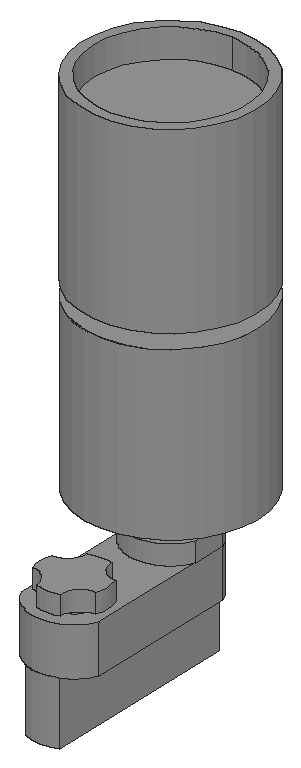
Revit family "Tinka 7W", category Lighting Fixtures, host Face, Revit 2018
Family settings
  Host = Face
  Round Connector Dimension = Use Diameter
  Part Type = Normal
  OmniClass Number = 23.80.70.11.14.21
  OmniClass Title = Spots and Tracklight Specialties
  Cut with Voids When Loaded = No
  Light Source = No
  Shared = No
  Room Calculation Point = No
Parameters (values of type "Tinka 7W, Warm White, 230V - 53ER997L007E")
  Wattage Comments = "7W"
  Voltage = 230 V
  URL = "www.winled.fi"
  Type Image = Tinka 7W.png
  Product Number = "53ER997L015E"
  Position Number = ""
  Operating Temperature Range = "-20° to +50°C"
  Model = "Tinka 7W"
  Manufacturer = "Winled Oy Ltd"
  Luminaire Track Angle Install [instance] = if(Luminaire Track Angle Input < -160.00°, -160.00°, (if(Luminaire Track Angle Input > 160.00°, 160.00°, Luminaire Track Angle Input)))  # 0.00°
  Luminaire Track Angle Input [instance] = 0.00°
  Luminaire Angle Install [instance] = -(if(Luminaire Angle Input < -90.00°, -90.00°, (if(Luminaire Angle Input > 0.00°, 0.00°, Luminaire Angle Input))))  # 0.00°
  Luminaire Angle Input [instance] = 0.00°
  Lumens Output = "562lm"
  Light Source = Tinka light LV : Tinka light LV
  Lifetime L70 = "50000h"
  Last Updated = "2.3.2017"
  Lamp = "LED"
  IP Code = "IP20"
  Housing Material = "Aluminium"
  Driver = "Integrated"
  Directivity = "Yes"
  Dimmable = "Yes"
  Dimensions = "72mm x 225mm"
  Description = "Tracklight, 3-Circuit Track"
  Depth = "-"
  Default Elevation = 1219.2 mm
  Cutout = "-"
  Color Temperature = "3000K"
  Casing Color = "White"
  CRI = "82"
  Beam Angle = "30°"
Types (3, lengths in mm): name | Product Number | Lumens Output | Light Source | Color Temperature
  (no name) | "53ER997L015E" | "562lm" | Tinka light LV : Tinka light LV | "3000K"
  Tinka 7W, Neutral White, 230V - 53ER997N007E | "53ER997N015E" | "602lm" | Tinka light NV : Tinka light NV | "4000K"
  Tinka 7W, Warm White, 230V - 53ER997L007E | "53ER997L015E" | "562lm" | Tinka light LV : Tinka light LV | "3000K"
Reference planes
  plane 1 "Center (Front/Back)": y = 0
  plane 2: z = 0
  plane 3 "Center (Left/Right)": x = 0
Lines and regions (mm)
  symbolic lines
    curve 1: circle (0, -0.5, 0) r 36 normal (0, 0, 1)
    curve 2: line (-25.456, -25.956, 0) -> (25.456, 24.956, 0)
    curve 3: line (-25.456, 24.956, 0) -> (25.456, -25.956, 0)
Dimensions and locks
  aligned and locked: plane 2 to host face
  aligned and locked: level to host face
Nested families
  nested 1: "Tinka 7W valaisin" at (0, -25, 0), Luminaire Track Angle <- "Luminaire Track Angle Install", Luminaire Angle <- "Luminaire Angle Input", type "Tinka 7W valaisin"
    with k2 45.00°, k 45.00°, Luminaire Track Angle 0.00°, Luminaire Angle 0.00°, Color none
  nested 2: "Tinka light LV" at (-0.225, -0.031, 205.965) x (0, -1, 0) z (0, 0, 1), type <- "Light Source", type "Tinka light LV"
Connectors
  electrical at (0, -25, 0)
    settings: on nested 1, index 1, voltage 230 V, apparent load 0 VA, apparent load phase1 7 VA, apparent load phase2 0 VA, apparent load phase3 0 VA, power factor 1, load classification "Lighting", number of poles 1, system type 31, power factor state 1, is connector primary yes, connector utility no, sub classification motor no, connector description ""
Definition of nested family "Tinka 7W valaisin"
  Parameters (values of type "Tinka 7W valaisin")
    k2 [instance] = if(Luminaire Angle < -90.00°, -45.00°, (if(Luminaire Angle > 0.00°, 45.00°, Luminaire Angle + 45.00°)))  # 45.00°
    k [instance] = if(Luminaire Track Angle < -160.00°, -115.00°, (if(Luminaire Track Angle > 160.00°, 205.00°, Luminaire Track Angle + 45.00°)))  # 45.00°
    Luminaire Track Angle [instance] = 0.00°
    Luminaire Angle [instance] = 0.00°
    Color [instance] = none
  Reference planes
    plane 1 "Center (Front/Back)": y = 0
    plane 2: z = 0
    plane 3 "Center (Left/Right)": x = 0
    plane 4: z = 157.5
  Forms (mm)
    Extrusion 1, solid, material <- "Color"
      sketch origin (0, 0, 0) x (1, 0, 0) y (0, 1, 0)
        loop
          line (7, -40.992) -> (7, 40.992)
          arc (7, 40.992) -> (0, 42.416) -> (-7, 40.992) r 17.916
          line (-7, 40.992) -> (-7, -40.992)
          arc (-7, -40.992) -> (0, -42.416) -> (7, -40.992) r 17.916
      from 0 to 26
    Extrusion 2, solid, material <- "Color"
      sketch origin (0, 0, 0) x (1, 0, 0) y (0, 1, 0)
        loop
          arc (16, 32.005) -> (0, 42.416) -> (-16, 32.005) r 17.5
          line (-16, 32.005) -> (-16, -32.005)
          arc (-16, -32.005) -> (0, -42.416) -> (16, -32.005) r 17.5
          line (16, -32.005) -> (16, 32.005)
      from 46 to 26
    Extrusion 3, solid, material <- "Color"
      sketch origin (0, 0, 0) x (1, 0, 0) y (0, 1, 0)
        loop
          arc (16, 32.005) -> (0, 42.416) -> (-16, 32.005) r 17.5
          line (-16, 32.005) -> (-16, 17.828)
          arc (-16, 17.828) -> (0, 7.416) -> (16, 17.828) r 17.5
          line (16, 17.828) -> (16, 32.005)
      from 46 to 54
    Extrusion 4, solid, material <- "Color"
      sketch origin (0, 0, 0) x (1, 0, 0) y (0, 1, 0)
        loop
          circle (0, 24.916) r 13
      from 58 to 54
    Extrusion 5, solid, material <- "Color"
      sketch origin (0, 0, 0) x (1, 0, 0) y (0, 1, 0)
        loop
          circle (0, -24.916) r 10
      from 47 to 46
    Extrusion 6, solid, material <- "Color"
      sketch origin (0, 0, 0) x (1, 0, 0) y (0, 1, 0)
        loop
          arc (-13.077, -29.916) -> (-7.366, -32.282) -> (-5, -37.993) r 8.077
          arc (-5, -37.993) -> (0, -38.916) -> (5, -37.993) r 14
          arc (5, -37.993) -> (7.366, -32.282) -> (13.077, -29.916) r 8.077
          arc (13.077, -29.916) -> (14, -24.916) -> (13.077, -19.916) r 14
          arc (13.077, -19.916) -> (7.366, -17.551) -> (5, -11.84) r 8.077
          arc (5, -11.84) -> (0, -10.916) -> (-5, -11.84) r 14
          arc (-5, -11.84) -> (-7.366, -17.551) -> (-13.077, -19.916) r 8.077
          arc (-13.077, -19.916) -> (-14, -24.916) -> (-13.077, -29.916) r 14
      from 55 to 47
    Extrusion 7, solid
      sketch origin (0, 24.916, 0) x (0.707107, 0.707107, 0) y (-0.707107, 0.707107, 0)
        loop
          circle (0, 0) r 17.5
      from 66 to 58
    Extrusion 8, solid
      sketch origin (0, 24.916, 66) x (0.707107, 0.707107, 0) y (-0.707107, 0.707107, 0)
        loop
          circle (0, 0) r 36
      from 70.5 to 0
    Extrusion 9, solid
      sketch origin (0, 24.916, 66) x (0.707107, 0.707107, 0) y (-0.707107, 0.707107, 0)
        loop
          line (10.253, 16.617) -> (16.617, 10.253) -> (27.931, 21.567) -> (21.567, 27.931) -> (10.253, 16.617)
      from 70.5 to 100.5
  Lines and regions (mm)
    reference lines
      curve 1: line (0, 24.916, 0) -> (13, 24.916, 0)
      curve 2: line (0, 24.916, 0) -> (75.904, 100.821, 0)
      curve 3: line (4.5, 51.916, 166.493) -> (4.5, 51.916, 3.599)
      curve 4: line (4.5, 58.916, 159.493) -> (4.5, 51.916, 159.493)
      curve 5: line (4.5, 51.916, 159.493) -> (4.5, 94.343, 201.92)
  Dimensions and locks
    "k": angle curve 1 to curve 2
    "k2": angle curve 4 to curve 5
    aligned and locked: level to plane 2
    aligned and locked: plane 3 "Center (Left/Right)" to curve 1
    aligned and locked: curve 3 to curve 5
  Automatic sketch dimensions
    Extrusion 1 sketch curve to plane 3 "Center (Left/Right)" = 0 mm  (x2)
    Extrusion 1 sketch curve to plane 3 "Center (Left/Right)" = 7 mm
    plane 3 "Center (Left/Right)" to Extrusion 1 sketch curve = 7 mm
    plane 1 "Center (Front/Back)" to Extrusion 1 sketch curve = 40.992 mm
    Extrusion 1 sketch curve to Extrusion 1 sketch curve = 16.492 mm  (x2)
    Extrusion 1 sketch curve to plane 1 "Center (Front/Back)" = 24.5 mm
    Extrusion 2 sketch curve to plane 3 "Center (Left/Right)" = 0 mm  (x2)
    Extrusion 2 sketch curve to plane 3 "Center (Left/Right)" = 16 mm
    plane 3 "Center (Left/Right)" to Extrusion 2 sketch curve = 16 mm
    plane 1 "Center (Front/Back)" to Extrusion 2 sketch curve = 32.005 mm
    Extrusion 2 sketch curve to Extrusion 2 sketch curve = 7.089 mm  (x2)
    Extrusion 2 sketch curve to plane 1 "Center (Front/Back)" = 24.916 mm
    Extrusion 2 sketch curve to Extrusion 2 sketch curve = 0 mm
    Extrusion 3 sketch curve to Extrusion 3 sketch curve = 0 mm  (x3)
    Extrusion 3 sketch curve to plane 3 "Center (Left/Right)" = 0 mm
    Extrusion 3 sketch curve to plane 3 "Center (Left/Right)" = 16 mm
    plane 3 "Center (Left/Right)" to Extrusion 3 sketch curve = 16 mm
    Extrusion 3 sketch curve to plane 1 "Center (Front/Back)" = 17.828 mm
    Extrusion 3 sketch curve to Extrusion 3 sketch curve = 7.089 mm
    Extrusion 3 sketch curve to Extrusion 3 sketch curve = 14.177 mm
    Extrusion 4 sketch curve to plane 3 "Center (Left/Right)" = 0 mm
    Extrusion 4 sketch curve to plane 1 "Center (Front/Back)" = 24.916 mm
    Extrusion 5 sketch curve to plane 3 "Center (Left/Right)" = 0 mm
    plane 1 "Center (Front/Back)" to Extrusion 5 sketch curve = 24.916 mm
    Extrusion 6 sketch curve to Extrusion 6 sketch curve = 0 mm  (x13)
    Extrusion 6 sketch curve to plane 3 "Center (Left/Right)" = 0 mm
    Extrusion 6 sketch curve to plane 3 "Center (Left/Right)" = 13.077 mm  (x2)
    plane 3 "Center (Left/Right)" to Extrusion 6 sketch curve = 13.077 mm  (x2)
    plane 1 "Center (Front/Back)" to Extrusion 6 sketch curve = 37.993 mm
    Extrusion 6 sketch curve to Extrusion 6 sketch curve = 13.077 mm
    plane 1 "Center (Front/Back)" to Extrusion 6 sketch curve = 11.84 mm
    Extrusion 6 sketch curve to plane 3 "Center (Left/Right)" = 5 mm
    Extrusion 7 sketch curve to curve 2 = 0 mm  (x2)
    Extrusion 9 sketch curve to Extrusion 9 sketch curve = 6.364 mm  (x2)
    Extrusion 9 sketch curve to Extrusion 9 sketch curve = 11.314 mm
    curve 3 to curve 3 = 162.894 mm
    curve 2 to plane 1 "Center (Front/Back)" = 24.916 mm
    curve 3 to curve 5 = 7 mm
    radius of Extrusion 4 sketch curve = 13 mm
    radius of Extrusion 5 sketch curve = 10 mm
    radius of Extrusion 7 sketch curve = 17.5 mm
    radius of Extrusion 7 to Extrusion 8 sketch curve = 18.5 mm
  Nested families
    nested 1: "Family2" at (4.5, 60.916, 142.465) x (0, 0, 1) z (1, 0, 0), type "Family2"
  Definition of nested family "Family2"
    Parameters (values of type "Family2")
      Default Elevation = 1219.2 mm
    Reference planes
      plane 1 "Center (Front/Back)": y = 0
      plane 2: z = 0
      plane 3 "Center (Left/Right)": x = 0
    Forms (mm)
      Extrusion 1, solid
        sketch origin (0, 0, 0) x (1, 0, 0) y (0, 1, 0)
          loop
            line (-1219.2, 1219.2) -> (-1219.2, -1219.2) -> (1219.2, -1219.2) -> (1219.2, 1219.2) -> (-1219.2, 1219.2)
        from 0 to -304.8
      Extrusion 2, solid
        sketch origin (0, 0, 2.5) x (0, 1, 0) y (0, 0, 1)
          loop
            line (0.687, 0) -> (20, 0) -> (20, -14) -> (0.687, -14)
            arc (0.687, -14) -> (72, -7) -> (0.687, 0) r 36
        from 0 to 75.5
      Extrusion 3, solid
        sketch origin (0, 0, 0) x (0, 1, 0) y (0, 0, 1)
          loop
            line (20, 2.5) -> (0.687, 2.5) -> (0.687, 0) -> (17.719, 0) -> (17.719, -4.5) -> (17.719, -9) -> (0.687, -9) -> (0.687, -11.5) -> (20, -11.5) -> (20, 2.5)
        from 0 to 30
      Extrusion 4, solid
        sketch origin (0, 0, 0) x (0, 1, 0) y (0, 0, 1)
          loop
            line (20, 2.5) -> (0.687, 2.5)
            arc (0.687, 2.5) -> (0, -4.5) -> (0.687, -11.5) r 36
            line (0.687, -11.5) -> (20, -11.5) -> (20, 2.5)
        from 30 to 75.5
      Extrusion 5, void
        sketch origin (0, 0, 0) x (0, 1, 0) y (0, 0, 1)
          loop
            circle (36, -4.5) r 31.7
        from 63.5 to 75.5
    Cuts and joins
      Extrusion 5 cuts Extrusion 2
      Extrusion 5 cuts Extrusion 4
      joined: Extrusion 2, Extrusion 4
    Dimensions and locks
      aligned and locked: plane 2 to Extrusion 1
      aligned and locked: level to Extrusion 1
Definition of nested family "Tinka light LV"
  Parameters (values of type "Tinka light LV")
    Wattage Comments = "7W"
    Wattage = 7 W
    built-in parameter 1150110 = 1 (stored number, unit not read)
    built-in parameter 1114217 = 1 (stored number, unit not read)
    Tilt Angle = -90.00°
    built-in parameter 1150109 = 1 (stored number, unit not read)
    built-in parameter 1150134 = (empty or 0)
    built-in parameter 1150113 = 1 (stored number, unit not read)
    Photometric Web File = "Tinka 7W LV.ies"
    built-in parameter 1150105 = 44.73 (stored number, unit not read)
    Lumens = 562.1 lm
    built-in parameter 1150115 = 1 (stored number, unit not read)
    built-in parameter 1150137 = (empty or 0)
    built-in parameter 1150139 = (empty or 0)
    built-in parameter 1150112 = 1 (stored number, unit not read)
    built-in parameter 1150114 = 1 (stored number, unit not read)
    Lamp = "LED"
    built-in parameter 1150132 = (empty or 0)
    built-in parameter 1150102 = (empty or 0)
    built-in parameter 1150107 = 3000 (stored number, unit not read)
    built-in parameter 1150138 = (empty or 0)
    built-in parameter 1150106 = 0.4473 (stored number, unit not read)
    built-in parameter 1150104 = 7.4601 (stored number, unit not read)
    Dimming Lamp Color Temperature Shift = (empty or 0)
    Default Elevation = 1219.2 mm
    Color Filter = 16777215
    built-in parameter 1114218 = 1 (stored number, unit not read)
    built-in parameter 1150133 = 10 (stored number, unit not read)
  Reference planes
    plane 1 "Center (Front/Back)": y = 0
    plane 2: z = 0
    plane 3 "Center (Left/Right)": x = 0
  Forms (mm)
    Extrusion 1, solid
      sketch origin (0, 0, 0) x (1, 0, 0) y (0, 1, 0)
        loop
          line (-1219.2, 1219.2) -> (-1219.2, -1219.2) -> (1219.2, -1219.2) -> (1219.2, 1219.2) -> (-1219.2, 1219.2)
      from 0 to -304.8
  Dimensions and locks
    aligned and locked: plane 2 to Extrusion 1
    aligned and locked: level to Extrusion 1
